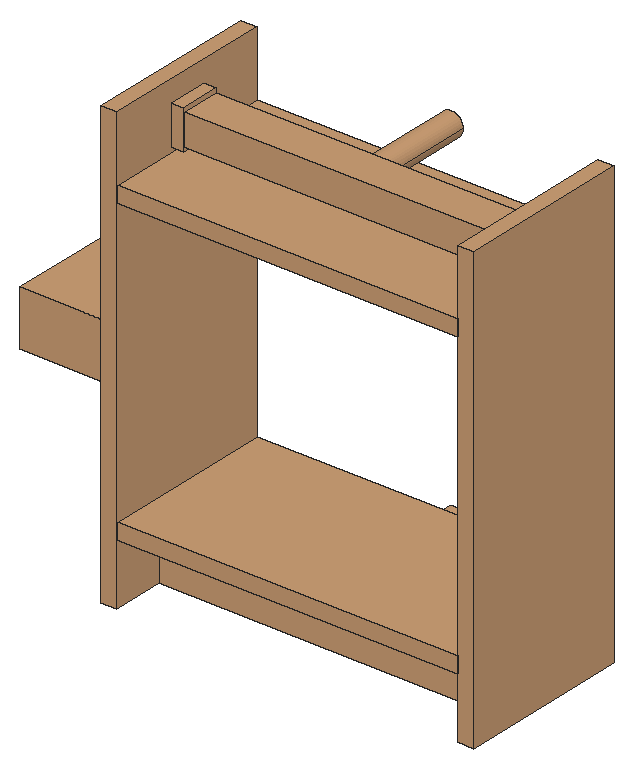
Revit family
Parameters
  Center Of Unit = 0' - 0"  # constant formula
  Water Pressure Drop [instance] = 0.00 psi
  Water Flow [instance] = 0 GPM
  Unit Weight (lbs) = 395
  URL = "http://www.ljwing.com/"
  Water Outlet Radius = 0' - 1 1/2"
  Water Outlet Odd sizes = 0' - 0"
  Total Heating Capacity [instance] = 0.0 Btu/h
  Temperature Rise [instance] = 0 °F
  Series = "VIFB"
  Outlet Area = 10.70 SF
  Number of Rows = 1  # constant formula
  Number of Coils [instance] = 0
  Nominal Length = 3' - 10 7/8"
  Model = "VB-4"
  Manufacturer = "LJ Wing"
  Leaving Water Temperature [instance] = 0 °F
  Leaving Air Temperature [instance] = 0 °F
  Face Velocity (FPM) [instance] = 0
  Entering Water Temperature [instance] = 0 °F
  Entering Air Temperature [instance] = 0 °F
  Description = "Vertical Integral Face & Bypass Water Heating Coils"
  Hot Water Odd Sizes = 0' - 0"
  Hot Water Inlet Offset = 0' - 4 3/8"  # constant formula
  Hot Water Inlet  Radius = 0' - 1 1/2"
  Coil Face Area = Outlet Area * 0.56  # 5.992 SF
  Casing Material = ""
  Assembly Code = "D3020300"
  Air Pressure Drop [instance] = 0.00 in-wg
  Air Inlet Width = Nominal Length - 0' 4"  # 3' - 6 7/8"
  Air Inlet Height = Y  # 3' - 0"
  Air Flow [instance] = 0 CFM
  Z = 0' - 3 3/4"
  Y = 3' - 0"
  S = 0' - 9 3/4"
  Product URL = "http://www.ljwing.com/html/vifb.asp"
  OmniClass = "23-75 70 21 14"
  Nominal Height = 4' - 8"
  Nominal Depth = 1' - 10"
  R = 0' - 10 1/4"
  Q = 0' - 5 7/16"
  P = 0' - 5 1/8"
  L = 0' - 5 15/16"
Reference planes (in)
  plane 1 "Center (Front/Back)": y = 0
  plane 2: z = -18
  plane 3 "Center (Left/Right)": x = 0
  plane 4: z = 28.25
  plane 5: x = -23.4375
  plane 6: x = 23.4375
  plane 7: z = -27.75
  plane 8: z = 0
  plane 9: y = -11
  plane 10: y = 11
  plane 11: z = 18
  plane 12: z = 20
  plane 13: z = -20
  plane 14: x = 21.4375
  plane 15: x = -21.4375
  plane 16: z = 23.125
  plane 17: z = -21.8125
  plane 18: x = -18
  plane 19: x = 18
  plane 20: y = 14.75
  plane 21: y = 15.375
  plane 22: x = -34.4375
  plane 23: x = 0
  plane 24: x = 0
  plane 25: z = 25.125
  plane 26: z = 21.125
  plane 27: y = -2.5
  plane 28: y = 2.5
  plane 29: y = -4.5
Forms (in)
  Extrusion 1, solid, material "Painted Finish"
    sketch origin (0, 6, -9.75) x (1, 0, 0) y (0, 0, 1)
      loop
        line (-23.4375, -18) -> (-21.4375, -18) -> (-21.4375, 38) -> (-23.4375, 38) -> (-23.4375, -18)
      loop
        line (23.4375, -18) -> (23.4375, 38) -> (21.4375, 38) -> (21.4375, -18) -> (23.4375, -18)
    from -5 to 17
  Extrusion 2, solid, material "Painted Finish"
    sketch origin (0, 6, 0) x (1, 0, 0) y (0, 0, 1)
      loop
        line (21.4375, -18) -> (-21.4375, -18) -> (-21.4375, -20) -> (21.4375, -20) -> (21.4375, -18)
      loop
        line (21.4375, 18) -> (21.4375, 20) -> (-21.4375, 20) -> (-21.4375, 18) -> (21.4375, 18)
    from -5 to 17
  Extrusion 3, solid, material "Painted Finish"
    sketch origin (0, 10, -0.5) x (1, 0, 0) y (0, 0, 1)
      loop
        line (-23.4375, 4) -> (-34.4375, 4) -> (-34.4375, -3) -> (-23.4375, -3) -> (-23.4375, 4)
    from 0 to 20
  Extrusion 4, solid, material "Painted Finish"
    sketch origin (0, 6, 0) x (1, 0, 0) y (0, 0, 1)
      loop
        line (-19.8125, 25.125) -> (-19.8125, 21.125) -> (19.8125, 21.125) -> (19.8125, 25.125) -> (-19.8125, 25.125)
    from 3.5 to 8.5
  Extrusion 5, solid, material "Painted Finish"
    sketch origin (0, 0, 0) x (1, 0, 0) y (0, 0, 1)
      loop
        line (-19.8125, 20.625) -> (-19.8125, 25.625) -> (-21.4375, 25.625) -> (-21.4375, 20.625) -> (-19.8125, 20.625)
      loop
        line (21.4375, 20.625) -> (21.4375, 25.625) -> (19.8125, 25.625) -> (19.8125, 20.625) -> (21.4375, 20.625)
    from -2.5 to 2.5
  Extrusion 6, solid, material "Painted Finish"
    sketch origin (0, 23, 0) x (1, 0, 0) y (0, 0, 1)
      loop
        circle (0, 23.125) r 1.5
    from 8.25 to 20.5
  Extrusion 7, solid, material "Painted Finish"
    sketch origin (0, 6, 0) x (1, 0, 0) y (0, 0, 1)
      loop
        line (-21.4375, -20) -> (-21.4375, -27.75) -> (21.4375, -27.75) -> (21.4375, -20) -> (-21.4375, -20)
    from -5 to 10.5
  Extrusion 8, solid, material "Painted Finish"
    sketch origin (0, 23, 0) x (1, 0, 0) y (0, 0, 1)
      loop
        circle (0, -21.8125) r 1.5
    from 7.625 to 12
  Extrusion 9, void
    sketch origin (0, 0, 0) x (1, 0, 0) y (0, 0, 1)
      loop
        line (-21.4375, 18) -> (-21.4375, -18) -> (21.4375, -18) -> (21.4375, 18) -> (-21.4375, 18)
    from -11 to 11
Cuts and joins
  Extrusion 9 cuts Extrusion 1
  Extrusion 9 cuts Extrusion 2
Dimensions and locks (in)
  "Nominal Length": plane 6 to plane 5
  equal spacing: plane 6, plane 3 "Center (Left/Right)", plane 5
  "S": plane 2 to plane 7
  "Nominal Depth": plane 10 to plane 9
  equal spacing: plane 10, plane 1 "Center (Front/Back)", plane 9
  "Y": plane 11 to plane 2
  "R": plane 4 to plane 11
  locked: plane 12 to plane 11 at 2
  locked: plane 2 to plane 13 at 2
  "P": plane 4 to plane 16
  "L": plane 17 to plane 7
  "Q": plane 18 to plane 5
  "Q": plane 6 to plane 19
  "Z": plane 20 to plane 10
  "Hot Water Inlet Offset": plane 21 to plane 10
  locked: plane 5 to plane 22 at 11
  locked: Extrusion 3 sketch curve to Extrusion 3 sketch curve at 7
  locked: Extrusion 3 to Extrusion 3 at 20
  locked: plane 6 to plane 14 at 2
  locked: plane 15 to plane 5 at 2
  "Water Outlet Odd sizes": plane 23 to plane 3 "Center (Left/Right)"
  "Hot Water Odd Sizes": plane 3 "Center (Left/Right)" to plane 24
  equal spacing: plane 25, plane 16, plane 26
  locked: Extrusion 5 sketch curve to plane 25 at 0.5
  locked: plane 26 to Extrusion 5 sketch curve at 0.5
  locked: Extrusion 6 sketch curve to plane 16 at 0
  locked: Extrusion 6 sketch curve to plane 23 at 0
  locked: Extrusion 8 sketch curve to plane 17 at 0
  locked: Extrusion 8 sketch curve to plane 24 at 0
  locked: plane 25 to plane 26 at 4
  locked: plane 28 to plane 27 at 5
  equal spacing: plane 28, plane 1 "Center (Front/Back)", plane 27
  locked: plane 27 to plane 29 at 2
  plane 4 to plane 7 = 4' - 8"
  locked: Extrusion 5 sketch curve to Extrusion 1 at 1.625
  locked: Extrusion 5 sketch curve to Extrusion 5 sketch curve at 1.625
  locked: Extrusion 9 sketch curve to plane 11 at 0
  locked: Extrusion 9 sketch curve to plane 15 at 0
  locked: Extrusion 9 sketch curve to plane 14 at 0
  locked: Extrusion 9 sketch curve to plane 2 at 0
  equal spacing: plane 11, plane 8, plane 2
  "Water Outlet Radius": radius of Extrusion 6 sketch curve
  "Hot Water Inlet  Radius": radius of Extrusion 8 sketch curve
  aligned and locked: Extrusion 1 to plane 9
  aligned and locked: Extrusion 1 to plane 10
  aligned and locked: plane 15 to Extrusion 1
  aligned and locked: Extrusion 1 to plane 14
  aligned and locked: plane 9 to Extrusion 2
  aligned and locked: plane 9 to Extrusion 1
  aligned and locked: plane 10 to Extrusion 1  (x2)
  aligned and locked: Extrusion 2 to plane 10
  aligned and locked: plane 10 to Extrusion 2  (x2)
  aligned and locked: Extrusion 2 to plane 9  (x2)
  aligned and locked: plane 5 to Extrusion 3
  aligned and locked: Extrusion 5 sketch curve to plane 15
  aligned and locked: Extrusion 5 sketch curve to Extrusion 4
  aligned and locked: Extrusion 6 to plane 20
  aligned and locked: Extrusion 1 to Extrusion 7
  aligned and locked: plane 10 to Extrusion 8
  aligned and locked: Extrusion 8 to plane 21  (x2)
  aligned and locked: plane 27 to Extrusion 5
  aligned and locked: Extrusion 5 to Extrusion 4  (x2)
  aligned and locked: Extrusion 5 to plane 28
  aligned and locked: Extrusion 6 to Extrusion 4
  aligned and locked: Extrusion 7 to plane 29  (x2)
  aligned and locked: Extrusion 8 to Extrusion 7
  aligned and locked: Extrusion 4 to Extrusion 5  (x2)
  aligned and locked: Extrusion 5 to Extrusion 1  (x2)
  aligned and locked: plane 2 to Extrusion 2
  aligned and locked: plane 6 to Extrusion 1 sketch curve
  aligned and locked: plane 14 to Extrusion 1 sketch curve
  aligned and locked: Extrusion 1 sketch curve to plane 15
  aligned and locked: Extrusion 1 sketch curve to plane 5
  aligned and locked: plane 7 to Extrusion 1 sketch curve  (x2)
  aligned and locked: Extrusion 1 sketch curve to plane 4  (x2)
  aligned and locked: Extrusion 2 sketch curve to plane 11
  aligned and locked: Extrusion 2 sketch curve to plane 12
  aligned and locked: Extrusion 2 sketch curve to plane 14  (x2)
  aligned and locked: Extrusion 2 sketch curve to plane 15  (x2)
  aligned and locked: Extrusion 2 sketch curve to plane 13
  aligned and locked: plane 2 to Extrusion 2 sketch curve
  aligned and locked: plane 13 to Extrusion 7 sketch curve
  aligned and locked: Extrusion 7 sketch curve to plane 7
  aligned and locked: Extrusion 7 sketch curve to plane 14
  aligned and locked: plane 15 to Extrusion 7 sketch curve
  aligned and locked: cut or joined group of Extrusion 1, Extrusion 9 to plane 10
Automatic sketch dimensions
  Extrusion 3 sketch curve to plane 22 = 0' - 0"
  Extrusion 3 sketch curve to plane 5 = 0' - 0"
  plane 8 to Extrusion 3 sketch curve = 0' - 3 1/2"
  Extrusion 4 sketch curve to plane 25 = 0' - 0"
  Extrusion 4 sketch curve to plane 26 = 0' - 0"
  Extrusion 4 sketch curve to plane 18 = 0' - 1 13/16"
  plane 19 to Extrusion 4 sketch curve = 0' - 1 13/16"
  plane 26 to Extrusion 5 sketch curve = 0' - 0 1/2"
  Extrusion 5 sketch curve to plane 25 = 0' - 0 1/2"
Connectors (in)
  hvac at (0, -11, 0), driven by "Air Inlet Height", driven by "Air Inlet Width", driven by "Air Flow", driven by "Air Pressure Drop"
    settings: on Extrusion 9, index 1
  hvac at (0, 11, 0), driven by "Air Pressure Drop", driven by "Air Inlet Height", driven by "Air Inlet Width", driven by "Air Flow"
    settings: on Extrusion 9, index 2
  piping at (0, 14.75, 23.125), driven by "Water Flow", driven by "Water Outlet Radius", driven by "Water Pressure Drop"
    settings: on Extrusion 6, index 3
  piping at (0, 15.375, -21.8125), driven by "Water Flow", driven by "Water Pressure Drop", driven by "Hot Water Inlet  Radius"
    settings: on Extrusion 8, index 4
